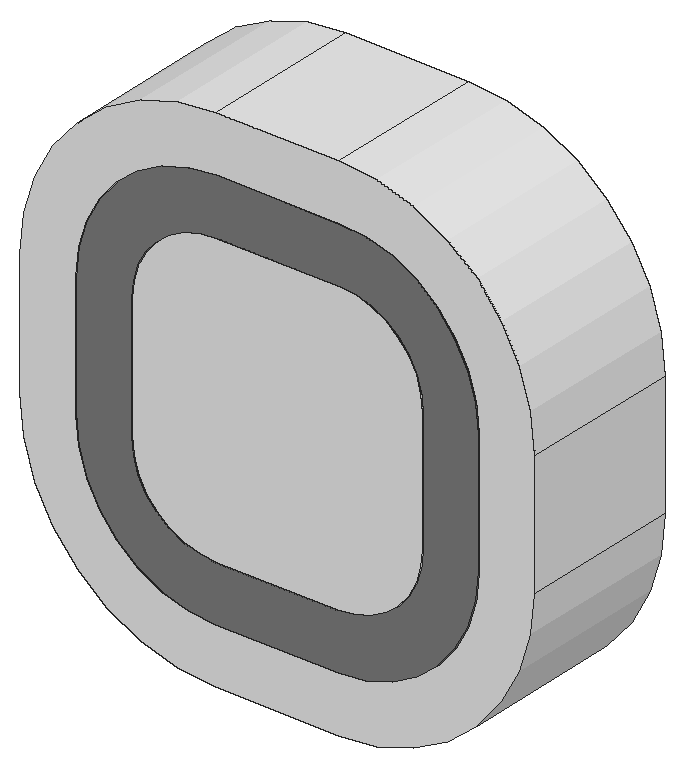
Revit family "СигнализаторЗагазованностиПульсар_R19ЭлОборуд", category Арматура трубопроводов, Revit 2019
Family settings
  Размер круглого соединителя = Использовать диаметр
  Тип детали = Нормальный
  Номер OmniClass = 23.80.30.11.17
  Заголовок OmniClass = Distribution Boards and Control Panels
  На основе рабочей плоскости = Нет
  Всегда вертикально = Да
  При загрузке вырезать с полостями = Нет
  Общий = Нет
Parameters (values of type "Сигнализатор загазованности «Пульсар» 2CO-2CH c клапаном Ду15")
  Температура окружающей среды = "-10 до +45 °С"
  Средняя наработка до отказа = "30000 часов"
  Средний срок службы = "10 лет"
  Потребляемая мощность = "не более 1,0 (1,0) В,А (Вт)"
  Потолочный [instance] = not(Настенный)  # no
  Параметры электрического питания с адаптером питания от сети переменного тока с частотой (50±1) Гц = "220±23В"
  Параметры электрического питания без адаптера питания — от внешнего источника постоянного тока = ""
  Настенный [instance] = yes
  Наличие клапана = "с клапаном"
  Наличие источника питания = "источник питания в комплекте"
  Материал = none
  Масса = "не более 0,15 кг"
  Ду = 15 mm
  Время установления рабочего режима = "не более 30 с"
  Время срабатывания сигнализации для исполнения «Пульсар» СН = "не более 15 с"
  Время срабатывания сигнализации для исполнения «Пульсар» СO = "не более 60 с"
  ADSK_Размер_Ширина = 92 mm
  ADSK_Размер_Глубина = 29 mm
  ADSK_Размер_Высота = 92 mm
  ADSK_Примечание [instance] = ""
  ADSK_Позиция [instance] = ""
  ADSK_Обозначение = ""
  ADSK_Наименование краткое = ""
  ADSK_Наименование = "Сигнализатор загазованности «Пульсар» 2CO-2CH c клапаном Ду15"
  ADSK_Масса = 0
  ADSK_Марка = ""
  ADSK_Код изделия = ""
  ADSK_Завод-изготовитель = "Пульсар"
  ADSK_Единица измерения = "шт."
Types (29, lengths in mm): name | Параметры электрического питания с адаптером питания от сети переменного тока с частотой (50±1) Гц | Параметры электрического питания без адаптера питания — от внешнего источника постоянного тока | Наличие клапана | Ду | Время срабатывания сигнализации для исполнения «Пульсар» СН | Время срабатывания сигнализации для исполнения «Пульсар» СO | ADSK_Наименование
  (no name) | "220±23В" | "" | "с клапаном" | 15 | "не более 15 с" | "не более 60 с" | "Сигнализатор загазованности «Пульсар» 2CO-2CH c клапаном Ду15"
  Сигнализатор загазованности «Пульсар» CH с клапаном Ду32 | "220±23В" | "" | "с клапаном" | 32 | "не более 15 с" | "" | "Сигнализатор загазованности «Пульсар» CH с клапаном Ду32"
  Сигнализатор загазованности «Пульсар» CH с латунным клапаном Ду20 | "220±23В" | "" | "с клапаном" | 20 | "не более 15 с" | "" | "Сигнализатор загазованности «Пульсар» CH с латунным клапаном Ду20"
  Сигнализатор загазованности «Пульсар» CH с латунным клапаном Ду25 | "220±23В" | "" | "с клапаном" | 25 | "не более 15 с" | "" | "Сигнализатор загазованности «Пульсар» CH с латунным клапаном Ду25"
  Сигнализатор загазованности «Пульсар» CH с клапаном Ду20 | "220±23В" | "" | "с клапаном" | 20 | "не более 15 с" | "" | "Сигнализатор загазованности «Пульсар» CH с клапаном Ду20"
  Сигнализатор загазованности «Пульсар» CH с клапаном Ду25 | "220±23В" | "" | "с клапаном" | 25 | "не более 15 с" | "" | "Сигнализатор загазованности «Пульсар» CH с клапаном Ду25"
  Сигнализатор загазованности «Пульсар» CO с соединительным кабелем | "" | "12±0,2В" | "без клапана" | 25 | "" | "не более 60 с" | "Сигнализатор загазованности «Пульсар» CO с соединительным кабелем"
  Сигнализатор загазованности «Пульсар» CH с источником питания | "220±23В" | "" | "без клапана" | 25 | "не более 15 с" | "" | "Сигнализатор загазованности «Пульсар» CH с источником питания"
  Сигнализатор загазованности «Пульсар» CO, температура эксплуатации +5 до +45 °C | "" | "12±0,2В" | "без клапана" | 25 | "" | "не более 60 с" | "Сигнализатор загазованности «Пульсар» CO, температура эксплуатации +5 до +45 °C"
  Сигнализатор загазованности «Пульсар» CH с латунным клапаном Ду15 | "220±23В" | "" | "с клапаном" | 15 | "не более 15 с" | "" | "Сигнализатор загазованности «Пульсар» CH с латунным клапаном Ду15"
  Сигнализатор загазованности «Пульсар» CH с латунным клапаном Ду32 | "220±23В" | "" | "с клапаном" | 32 | "не более 15 с" | "" | "Сигнализатор загазованности «Пульсар» CH с латунным клапаном Ду32"
  Сигнализатор загазованности «Пульсар» CH с клапаном Ду15 | "220±23В" | "" | "с клапаном" | 15 | "не более 15 с" | "" | "Сигнализатор загазованности «Пульсар» CH с клапаном Ду15"
  Сигнализатор загазованности «Пульсар» 2CO-2CH c клапаном Ду25 | "220±23В" | "" | "с клапаном" | 25 | "не более 15 с" | "не более 60 с" | "Сигнализатор загазованности «Пульсар» CH с клапаном Ду15"
  Сигнализатор загазованности «Пульсар» CO-CH энергозависимый c клапаном Ду25 | "220±23В" | "" | "с клапаном" | 25 | "не более 15 с" | "не более 60 с" | "Сигнализатор загазованности «Пульсар» CO-CH энергозависимый c клапаном Ду25"
  Сигнализатор загазованности «Пульсар» 2CO-2CH c клапаном Ду32 | "220±23В" | "" | "с клапаном" | 32 | "не более 15 с" | "не более 60 с" | "Сигнализатор загазованности «Пульсар» 2CO-2CH c клапаном Ду32"
  Сигнализатор загазованности «Пульсар» CO-CH c клапаном Ду25 | "220±23В" | "" | "с клапаном" | 25 | "не более 15 с" | "не более 60 с" | "Сигнализатор загазованности «Пульсар» CO-CH c клапаном Ду25"
  Сигнализатор загазованности «Пульсар» CO-CH без клапана | "220±23В" | "" | "с клапаном" | 25 | "не более 15 с" | "не более 60 с" | "Сигнализатор загазованности «Пульсар» CO-CH без клапана"
  Сигнализатор загазованности «Пульсар» 2CO-2CH c клапаном Ду15 | "220±23В" | "" | "с клапаном" | 15 | "не более 15 с" | "не более 60 с" | "Сигнализатор загазованности «Пульсар» 2CO-2CH c клапаном Ду15"
  Сигнализатор загазованности «Пульсар» 2CO-2CH c клапаном Ду20 | "220±23В" | "" | "с клапаном" | 20 | "не более 15 с" | "не более 60 с" | "Сигнализатор загазованности «Пульсар» 2CO-2CH c клапаном Ду20"
  Сигнализатор загазованности «Пульсар» CO-CH c латунным клапаном Ду25 | "220±23В" | "" | "с клапаном" | 25 | "не более 15 с" | "не более 60 с" | "Сигнализатор загазованности «Пульсар» CO-CH c латунным клапаном Ду25"
  Сигнализатор загазованности «Пульсар» CO-CH c латунным клапаном Ду32 | "220±23В" | "" | "с клапаном" | 32 | "не более 15 с" | "не более 60 с" | "Сигнализатор загазованности «Пульсар» CO-CH c латунным клапаном Ду32"
  Сигнализатор загазованности «Пульсар» CO-CH c клапаном Ду15 | "220±23В" | "" | "с клапаном" | 15 | "не более 15 с" | "не более 60 с" | "Сигнализатор загазованности «Пульсар» CO-CH c клапаном Ду15"
  Сигнализатор загазованности «Пульсар» CO-CH c клапаном Ду20 | "220±23В" | "" | "с клапаном" | 20 | "не более 15 с" | "не более 60 с" | "Сигнализатор загазованности «Пульсар» CO-CH c клапаном Ду20"
  Сигнализатор загазованности «Пульсар» CO-CH энергозависимый c клапаном Ду20 | "220±23В" | "" | "с клапаном" | 20 | "не более 15 с" | "не более 60 с" | "Сигнализатор загазованности «Пульсар» CO-CH энергозависимый c клапаном Ду20"
  Сигнализатор загазованности «Пульсар» CO-CH энергозависимый c клапаном Ду32 | "220±23В" | "" | "с клапаном" | 32 | "не более 15 с" | "не более 60 с" | "Сигнализатор загазованности «Пульсар» CO-CH энергозависимый c клапаном Ду32"
  Сигнализатор загазованности «Пульсар» CO-CH c клапаном Ду32 | "220±23В" | "" | "с клапаном" | 32 | "не более 15 с" | "не более 60 с" | "Сигнализатор загазованности «Пульсар» CO-CH c клапаном Ду32"
  Сигнализатор загазованности «Пульсар» CO-CH c латунным клапаном Ду20 | "220±23В" | "" | "с клапаном" | 20 | "не более 15 с" | "не более 60 с" | "Сигнализатор загазованности «Пульсар» CO-CH c латунным клапаном Ду20"
  Сигнализатор загазованности «Пульсар» CO-CH c латунным клапаном Ду15 | "220±23В" | "" | "с клапаном" | 15 | "не более 15 с" | "не более 60 с" | "Сигнализатор загазованности «Пульсар» CO-CH c латунным клапаном Ду15"
  Сигнализатор загазованности «Пульсар» CO-CH энергозависимый c клапаном Ду15 | "220±23В" | "" | "с клапаном" | 15 | "не более 15 с" | "не более 60 с" | "Сигнализатор загазованности «Пульсар» CO-CH энергозависимый c клапаном Ду15"
Reference planes
  plane 1 "По центру (Вперед/Назад)": y = 0
  plane 2: z = 0
  plane 3 "По центру (Влево/Вправо)": x = 0
  plane 4: x = -46
  plane 5: x = 46
  plane 6: z = 46
  plane 7: z = -46
  plane 8: y = -29
Dimensions and locks
  "ADSK_Размер_Высота": plane 6 to plane 7
  "ADSK_Размер_Ширина": plane 4 to plane 5
  equal spacing: plane 6, plane 2, plane 7
  equal spacing: plane 4, plane 3 "По центру (Влево/Вправо)", plane 5
  "ADSK_Размер_Глубина": plane 1 "По центру (Вперед/Назад)" to plane 8
  aligned and locked: level to plane 2
Nested families
  nested 1: "Настенный" at (0, 0, 0), visible <- "Настенный", type "Семейство10"
  nested 2: "Потолочный" at (0, 14.5, 0), visible <- "Потолочный", type "Потолочный"
Connectors
  electrical at (0, 0, 0)
    settings: on nested 1, index 1, voltage 0 V, apparent load 0 VA, apparent load phase1 0 VA, apparent load phase2 0 VA, apparent load phase3 0 VA, power factor 1, load classification "Прочее", number of poles 1, system type 31, power factor state 1, is connector primary yes, connector utility no, sub classification motor no, connector description ""
Definition of nested family "Настенный"
  Parameters
    Ширна = 92 mm
    Глубина = 29 mm
    Высота = 92 mm
  Reference planes
    plane 1 "По центру (Вперед/Назад)": y = 0
    plane 2: z = 0
    plane 3 "По центру (Влево/Вправо)": x = 0
    plane 4: x = -46
    plane 5: x = 46
    plane 6: z = -46
    plane 7: z = 46
    plane 8: y = -29
  Forms (mm)
    Extrusion 1, solid
      sketch origin (0, 0, 0) x (1, 0, 0) y (0, 0, 1)
        loop
          arc (-11, 46) -> (-35.749, 35.749) -> (-46, 11) r 35
          line (-46, 11) -> (-46, -11)
          arc (-46, -11) -> (-35.749, -35.749) -> (-11, -46) r 35
          line (-11, -46) -> (11, -46)
          arc (11, -46) -> (35.749, -35.749) -> (46, -11) r 35
          line (46, -11) -> (46, 11)
          arc (46, 11) -> (35.749, 35.749) -> (11, 46) r 35
          line (11, 46) -> (-11, 46)
      from 0 to 29
    Extrusion 2, void
      sketch origin (0, 0, 0) x (1, 0, 0) y (0, 0, 1)
        loop
          line (-26, 11) -> (-26, -11)
          arc (-26, -11) -> (-21.607, -21.607) -> (-11, -26) r 15
          line (-11, -26) -> (11, -26)
          arc (11, -26) -> (21.607, -21.607) -> (26, -11) r 15
          line (26, -11) -> (26, 11)
          arc (26, 11) -> (21.607, 21.607) -> (11, 26) r 15
          line (11, 26) -> (-11, 26)
          arc (-11, 26) -> (-21.607, 21.607) -> (-26, 11) r 15
        loop
          arc (-11, 36) -> (-28.678, 28.678) -> (-36, 11) r 25
          line (-36, 11) -> (-36, -11)
          arc (-36, -11) -> (-28.678, -28.678) -> (-11, -36) r 25
          line (-11, -36) -> (11, -36)
          arc (11, -36) -> (28.678, -28.678) -> (36, -11) r 25
          line (36, -11) -> (36, 11)
          arc (36, 11) -> (28.678, 28.678) -> (11, 36) r 25
          line (11, 36) -> (-11, 36)
      from 22.859 to 29
    Extrusion 3, solid
      sketch origin (0, 0, 0) x (1, 0, 0) y (0, 0, 1)
        loop
          arc (-11, 36) -> (-28.678, 28.678) -> (-36, 11) r 25
          line (-36, 11) -> (-36, -11)
          arc (-36, -11) -> (-28.678, -28.678) -> (-11, -36) r 25
          line (-11, -36) -> (11, -36)
          arc (11, -36) -> (28.678, -28.678) -> (36, -11) r 25
          line (36, -11) -> (36, 11)
          arc (36, 11) -> (28.678, 28.678) -> (11, 36) r 25
          line (11, 36) -> (-11, 36)
        loop
          arc (26, 11) -> (21.607, 21.607) -> (11, 26) r 15
          line (11, 26) -> (-11, 26)
          arc (-11, 26) -> (-21.607, 21.607) -> (-26, 11) r 15
          line (-26, 11) -> (-26, -11)
          arc (-26, -11) -> (-21.607, -21.607) -> (-11, -26) r 15
          line (-11, -26) -> (11, -26)
          arc (11, -26) -> (21.607, -21.607) -> (26, -11) r 15
          line (26, -11) -> (26, 11)
      from 22.859 to 29
  Cuts and joins
    Extrusion 2 cuts Extrusion 1
  Lines and regions (mm)
    model lines
      curve 1: line (-4.797, -29, -1.807) -> (-4.797, -29, 1.807)
      curve 2: line (1.702, -29, -4.902) -> (-1.702, -29, -4.902)
      curve 3: line (4.797, -29, -1.807) -> (4.797, -29, 1.807)
      curve 4: line (1.702, -29, 4.902) -> (-1.702, -29, 4.902)
      curve 5: arc (-4.797, -29, 1.807) -> (-3.891, -29, 3.996) -> (-1.702, -29, 4.902) r 3.096
      curve 6: arc (4.797, -29, 1.807) -> (3.891, -29, 3.996) -> (1.702, -29, 4.902) r 3.096
      curve 7: arc (-4.797, -29, -1.807) -> (-3.891, -29, -3.996) -> (-1.702, -29, -4.902) r 3.096
      curve 8: arc (4.797, -29, -1.807) -> (3.891, -29, -3.996) -> (1.702, -29, -4.902) r 3.096
      curve 9: line (-17.124, -29, 17.007) -> (-10.349, -29, 17.007)
      curve 10: line (-17.124, -29, 13.722) -> (-17.124, -29, 17.007)
      curve 11: line (-10.349, -29, 13.722) -> (-17.124, -29, 13.722)
      curve 12: line (-10.349, -29, 17.007) -> (-10.349, -29, 13.722)
      curve 13: line (17.124, -29, 17.007) -> (10.349, -29, 17.007)
      curve 14: line (17.124, -29, 13.722) -> (17.124, -29, 17.007)
      curve 15: line (10.349, -29, 13.722) -> (17.124, -29, 13.722)
      curve 16: line (10.349, -29, 17.007) -> (10.349, -29, 13.722)
      curve 17: line (3.388, -29, 17.007) -> (-3.388, -29, 17.007)
      curve 18: line (3.388, -29, 13.722) -> (3.388, -29, 17.007)
      curve 19: line (-3.388, -29, 13.722) -> (3.388, -29, 13.722)
      curve 20: line (-3.388, -29, 17.007) -> (-3.388, -29, 13.722)
      curve 21: arc (-15.211, -29, 22.785) -> (-13.817, -29, 18.795) -> (-12.232, -29, 22.714) r 2.259
      curve 22: line (-13.762, -29, 21.053) -> (-13.762, -29, 23.997)
      curve 23: line (0, -29, 23.997) -> (-3.381, -29, 18.141)
      curve 24: line (-3.381, -29, 18.141) -> (3.381, -29, 18.141)
      curve 25: line (3.381, -29, 18.141) -> (0, -29, 23.997)
      curve 26: line (13.844, -29, 23.997) -> (10.463, -29, 18.141)
      curve 27: line (10.463, -29, 18.141) -> (17.225, -29, 18.141)
      curve 28: line (17.225, -29, 18.141) -> (13.844, -29, 23.997)
      curve 29: line (0, -29, 19.972) -> (0, -29, 22.111)
      curve 30: circle (0, -29, 18.988) r 0.5 normal (0, -1, 0)
      curve 31: line (-17.124, -29, -11.043) -> (-10.349, -29, -11.043)
      curve 32: line (-17.124, -29, -14.329) -> (-17.124, -29, -11.043)
      curve 33: line (-10.349, -29, -14.329) -> (-17.124, -29, -14.329)
      curve 34: line (-10.349, -29, -11.043) -> (-10.349, -29, -14.329)
      curve 35: line (-13.762, -29, -15.972) -> (-17.144, -29, -21.828)
      curve 36: line (-17.144, -29, -21.828) -> (-10.381, -29, -21.828)
      curve 37: line (-10.381, -29, -21.828) -> (-13.762, -29, -15.972)
  Dimensions and locks
    equal spacing: plane 7, plane 2, plane 6
    equal spacing: plane 5, plane 3 "По центру (Влево/Вправо)", plane 4
    "Ширна": plane 5 to plane 4
    "Высота": plane 7 to plane 6
    "Глубина": plane 8 to plane 1 "По центру (Вперед/Назад)"
    aligned and locked: level to plane 2
  Automatic sketch dimensions
    Extrusion 1 sketch curve to plane 4 = 0 mm
    Extrusion 1 sketch curve to plane 6 = 0 mm
    Extrusion 1 sketch curve to plane 7 = 0 mm
    Extrusion 1 sketch curve to plane 5 = 0 mm
    Extrusion 1 sketch curve to plane 3 "По центру (Влево/Вправо)" = 11 mm  (x2)
    level to Extrusion 1 sketch curve = 11 mm
    Extrusion 1 sketch curve to level = 11 mm
    plane 6 to Extrusion 3 sketch curve = 10 mm
    Extrusion 3 sketch curve to plane 3 "По центру (Влево/Вправо)" = 11 mm
    plane 3 "По центру (Влево/Вправо)" to Extrusion 3 sketch curve = 11 mm  (x2)
    level to Extrusion 3 sketch curve = 11 mm
    plane 4 to Extrusion 3 sketch curve = 10 mm
    Extrusion 3 sketch curve to level = 11 mm
    Extrusion 3 sketch curve to plane 5 = 10 mm
    Extrusion 3 sketch curve to Extrusion 3 sketch curve = 0 mm  (x7)
    Extrusion 3 sketch curve to Extrusion 3 sketch curve = 10 mm
    plane 4 to Extrusion 2 sketch curve = 20 mm
    Extrusion 2 sketch curve to plane 3 "По центру (Влево/Вправо)" = 11 mm  (x2)
    level to Extrusion 2 sketch curve = 11 mm
    Extrusion 2 sketch curve to level = 11 mm  (x2)
    plane 3 "По центру (Влево/Вправо)" to Extrusion 2 sketch curve = 11 mm  (x2)
    Extrusion 2 sketch curve to Extrusion 2 sketch curve = 0 mm  (x7)
    Extrusion 2 sketch curve to Extrusion 2 sketch curve = 10 mm
    curve 36 to Extrusion 1 = 28.856 mm
    curve 10 to Extrusion 1 = 28.876 mm
    curve 35 to curve 32 = 0.019 mm
    curve 9 to curve 21 = 3.362 mm
    curve 32 to curve 35 = 3.362 mm
    curve 35 to curve 37 = 6.762 mm
    curve 37 to curve 34 = 3.414 mm
    curve 10 to curve 11 = 6.776 mm
    curve 11 to curve 1 = 5.551 mm
    curve 9 to curve 17 = 6.961 mm
    curve 17 to curve 24 = 0.007 mm
    curve 7 to curve 7 = 3.096 mm
    curve 5 to curve 5 = 3.096 mm
    curve 23 to curve 30 = 3.381 mm
    curve 25 to Extrusion 1 = 22.003 mm
    curve 30 to curve 25 = 0 mm
    curve 7 to curve 8 = 3.403 mm
    curve 5 to curve 4 = 3.403 mm
    curve 30 to curve 24 = 3.381 mm
    curve 24 to curve 17 = 0.007 mm
    curve 8 to curve 3 = 3.096 mm
    curve 17 to curve 16 = 6.961 mm
    curve 13 to curve 27 = 0.114 mm
    curve 26 to curve 28 = 3.381 mm
    curve 26 to curve 13 = 6.662 mm
    curve 13 to curve 28 = 0.1 mm
    curve 26 to curve 23 = 0 mm
    curve 21 to curve 23 = 2.944 mm
    curve 30 to curve 23 = 5.009 mm
    curve 24 to curve 30 = 0.847 mm
    curve 27 to curve 26 = 5.856 mm
    curve 20 to curve 23 = 1.134 mm
    curve 9 to curve 21 = 4.046 mm
    curve 13 to curve 27 = 1.134 mm
    curve 10 to curve 9 = 3.285 mm
    curve 20 to curve 17 = 3.285 mm
    curve 16 to curve 13 = 3.285 mm
    curve 4 to curve 18 = 8.82 mm
    curve 1 to curve 5 = 3.613 mm
    curve 32 to curve 1 = 9.237 mm
    curve 34 to curve 31 = 3.285 mm
    curve 37 to curve 32 = 1.643 mm
    curve 36 to curve 35 = 5.856 mm
    curve 21 to curve 21 = 1.449 mm
    curve 21 to curve 22 = 1.449 mm
    curve 22 to curve 21 = 1.531 mm
    curve 30 to curve 29 = 0 mm
    curve 21 to curve 22 = 2.944 mm
    curve 21 to curve 22 = 1.212 mm
    curve 29 to curve 23 = 1.886 mm
    curve 22 to curve 21 = 0 mm
    curve 30 to curve 29 = 0.984 mm
    radius of curve 30 = 0.5 mm
Definition of nested family "Потолочный"
  Parameters (values of type "Потолочный")
    Ширна = 92 mm
    Глубина = 29 mm
    Высота = 92 mm
  Reference planes
    plane 1 "По центру (Вперед/Назад)": y = 0
    plane 2: z = 0
    plane 3 "По центру (Влево/Вправо)": x = 0
    plane 4: x = -46
    plane 5: x = 46
    plane 6: z = -46
    plane 7: z = 46
    plane 8: y = -29
  Forms (mm)
    Extrusion 1, solid
      sketch origin (0, -14.5, -29) x (1, 0, 0) y (0, 1, 0)
        loop
          arc (-11, 46) -> (-35.749, 35.749) -> (-46, 11) r 35
          line (-46, 11) -> (-46, -11)
          arc (-46, -11) -> (-35.749, -35.749) -> (-11, -46) r 35
          line (-11, -46) -> (11, -46)
          arc (11, -46) -> (35.749, -35.749) -> (46, -11) r 35
          line (46, -11) -> (46, 11)
          arc (46, 11) -> (35.749, 35.749) -> (11, 46) r 35
          line (11, 46) -> (-11, 46)
      from 0 to 29
    Extrusion 2, void
      sketch origin (0, -14.5, -51.859) x (1, 0, 0) y (0, 1, 0)
        loop
          line (-26, 11) -> (-26, -11)
          arc (-26, -11) -> (-21.607, -21.607) -> (-11, -26) r 15
          line (-11, -26) -> (11, -26)
          arc (11, -26) -> (21.607, -21.607) -> (26, -11) r 15
          line (26, -11) -> (26, 11)
          arc (26, 11) -> (21.607, 21.607) -> (11, 26) r 15
          line (11, 26) -> (-11, 26)
          arc (-11, 26) -> (-21.607, 21.607) -> (-26, 11) r 15
        loop
          arc (-11, 36) -> (-28.678, 28.678) -> (-36, 11) r 25
          line (-36, 11) -> (-36, -11)
          arc (-36, -11) -> (-28.678, -28.678) -> (-11, -36) r 25
          line (-11, -36) -> (11, -36)
          arc (11, -36) -> (28.678, -28.678) -> (36, -11) r 25
          line (36, -11) -> (36, 11)
          arc (36, 11) -> (28.678, 28.678) -> (11, 36) r 25
          line (11, 36) -> (-11, 36)
      from 22.859 to 29
    Extrusion 3, solid
      sketch origin (0, -14.5, -51.859) x (1, 0, 0) y (0, 1, 0)
        loop
          arc (-11, 36) -> (-28.678, 28.678) -> (-36, 11) r 25
          line (-36, 11) -> (-36, -11)
          arc (-36, -11) -> (-28.678, -28.678) -> (-11, -36) r 25
          line (-11, -36) -> (11, -36)
          arc (11, -36) -> (28.678, -28.678) -> (36, -11) r 25
          line (36, -11) -> (36, 11)
          arc (36, 11) -> (28.678, 28.678) -> (11, 36) r 25
          line (11, 36) -> (-11, 36)
        loop
          arc (26, 11) -> (21.607, 21.607) -> (11, 26) r 15
          line (11, 26) -> (-11, 26)
          arc (-11, 26) -> (-21.607, 21.607) -> (-26, 11) r 15
          line (-26, 11) -> (-26, -11)
          arc (-26, -11) -> (-21.607, -21.607) -> (-11, -26) r 15
          line (-11, -26) -> (11, -26)
          arc (11, -26) -> (21.607, -21.607) -> (26, -11) r 15
          line (26, -11) -> (26, 11)
      from 22.859 to 29
  Cuts and joins
    Extrusion 2 cuts Extrusion 1
  Lines and regions (mm)
    model lines
      curve 1: line (-4.797, -16.307, -29) -> (-4.797, -12.693, -29)
      curve 2: line (1.702, -19.402, -29) -> (-1.702, -19.402, -29)
      curve 3: line (4.797, -16.307, -29) -> (4.797, -12.693, -29)
      curve 4: line (1.702, -9.598, -29) -> (-1.702, -9.598, -29)
      curve 5: arc (-4.797, -12.693, -29) -> (-3.891, -10.504, -29) -> (-1.702, -9.598, -29) r 3.096
      curve 6: arc (4.797, -12.693, -29) -> (3.891, -10.504, -29) -> (1.702, -9.598, -29) r 3.096
      curve 7: arc (-4.797, -16.307, -29) -> (-3.891, -18.496, -29) -> (-1.702, -19.402, -29) r 3.096
      curve 8: arc (4.797, -16.307, -29) -> (3.891, -18.496, -29) -> (1.702, -19.402, -29) r 3.096
      curve 9: line (-17.124, 2.507, -29) -> (-10.349, 2.507, -29)
      curve 10: line (-17.124, -0.778, -29) -> (-17.124, 2.507, -29)
      curve 11: line (-10.349, -0.778, -29) -> (-17.124, -0.778, -29)
      curve 12: line (-10.349, 2.507, -29) -> (-10.349, -0.778, -29)
      curve 13: line (17.124, 2.507, -29) -> (10.349, 2.507, -29)
      curve 14: line (17.124, -0.778, -29) -> (17.124, 2.507, -29)
      curve 15: line (10.349, -0.778, -29) -> (17.124, -0.778, -29)
      curve 16: line (10.349, 2.507, -29) -> (10.349, -0.778, -29)
      curve 17: line (3.388, 2.507, -29) -> (-3.388, 2.507, -29)
      curve 18: line (3.388, -0.778, -29) -> (3.388, 2.507, -29)
      curve 19: line (-3.388, -0.778, -29) -> (3.388, -0.778, -29)
      curve 20: line (-3.388, 2.507, -29) -> (-3.388, -0.778, -29)
      curve 21: arc (-15.211, 8.285, -29) -> (-13.817, 4.295, -29) -> (-12.232, 8.214, -29) r 2.259
      curve 22: line (-13.762, 6.553, -29) -> (-13.762, 9.497, -29)
      curve 23: line (0, 9.497, -29) -> (-3.381, 3.641, -29)
      curve 24: line (-3.381, 3.641, -29) -> (3.381, 3.641, -29)
      curve 25: line (3.381, 3.641, -29) -> (0, 9.497, -29)
      curve 26: line (13.844, 9.497, -29) -> (10.463, 3.641, -29)
      curve 27: line (10.463, 3.641, -29) -> (17.225, 3.641, -29)
      curve 28: line (17.225, 3.641, -29) -> (13.844, 9.497, -29)
      curve 29: line (0, 5.472, -29) -> (0, 7.611, -29)
      curve 30: circle (0, 4.488, -29) r 0.5 normal (0, 0, 1)
      curve 31: line (-17.124, -25.543, -29) -> (-10.349, -25.543, -29)
      curve 32: line (-17.124, -28.829, -29) -> (-17.124, -25.543, -29)
      curve 33: line (-10.349, -28.829, -29) -> (-17.124, -28.829, -29)
      curve 34: line (-10.349, -25.543, -29) -> (-10.349, -28.829, -29)
      curve 35: line (-13.762, -30.472, -29) -> (-17.144, -36.328, -29)
      curve 36: line (-17.144, -36.328, -29) -> (-10.381, -36.328, -29)
      curve 37: line (-10.381, -36.328, -29) -> (-13.762, -30.472, -29)
  Dimensions and locks
    equal spacing: plane 7, plane 2, plane 6
    equal spacing: plane 5, plane 3 "По центру (Влево/Вправо)", plane 4
    "Ширна": plane 5 to plane 4
    "Высота": plane 7 to plane 6
    "Глубина": plane 8 to plane 1 "По центру (Вперед/Назад)"
    aligned and locked: level to plane 2
  Automatic sketch dimensions
    Extrusion 1 sketch curve to plane 4 = 0 mm
    Extrusion 1 sketch curve to plane 5 = 0 mm
    Extrusion 1 sketch curve to plane 3 "По центру (Влево/Вправо)" = 11 mm  (x2)
    plane 1 "По центру (Вперед/Назад)" to Extrusion 1 sketch curve = 3.5 mm  (x2)
    plane 3 "По центру (Влево/Вправо)" to Extrusion 1 sketch curve = 11 mm
    plane 8 to Extrusion 1 sketch curve = 3.5 mm
    Extrusion 2 sketch curve to Extrusion 2 sketch curve = 0 mm  (x8)
    plane 4 to Extrusion 2 sketch curve = 10 mm
    plane 1 "По центру (Вперед/Назад)" to Extrusion 2 sketch curve = 3.5 mm  (x2)
    Extrusion 2 sketch curve to Extrusion 2 sketch curve = 10 mm
    Extrusion 2 sketch curve to plane 3 "По центру (Влево/Вправо)" = 11 mm  (x2)
    plane 3 "По центру (Влево/Вправо)" to Extrusion 2 sketch curve = 11 mm  (x2)
    plane 8 to Extrusion 2 sketch curve = 3.5 mm
    Extrusion 3 sketch curve to Extrusion 3 sketch curve = 0 mm  (x8)
    plane 4 to Extrusion 3 sketch curve = 10 mm
    Extrusion 3 sketch curve to Extrusion 3 sketch curve = 10 mm
    plane 1 "По центру (Вперед/Назад)" to Extrusion 3 sketch curve = 3.5 mm
    Extrusion 3 sketch curve to plane 3 "По центру (Влево/Вправо)" = 11 mm  (x2)
    plane 8 to Extrusion 3 sketch curve = 3.5 mm  (x2)
    plane 3 "По центру (Влево/Вправо)" to Extrusion 3 sketch curve = 11 mm  (x2)
    curve 29 to plane 3 "По центру (Влево/Вправо)" = 0 mm
    curve 25 to plane 3 "По центру (Влево/Вправо)" = 0 mm
    curve 30 to plane 3 "По центру (Влево/Вправо)" = 0 mm
    curve 4 to plane 3 "По центру (Влево/Вправо)" = 1.702 mm
    curve 2 to plane 3 "По центру (Влево/Вправо)" = 1.702 mm
    curve 23 to plane 3 "По центру (Влево/Вправо)" = 3.381 mm
    plane 1 "По центру (Вперед/Назад)" to curve 20 = 0.778 mm
    curve 20 to plane 3 "По центру (Влево/Вправо)" = 3.388 mm
    curve 1 to curve 7 = 3.096 mm
    curve 12 to plane 1 "По центру (Вперед/Назад)" = 2.507 mm
    curve 12 to curve 17 = 6.961 mm
    plane 8 to curve 31 = 3.457 mm
    curve 31 to plane 3 "По центру (Влево/Вправо)" = 10.349 mm
    curve 36 to curve 33 = 0.033 mm
    curve 37 to plane 8 = 1.472 mm
    curve 37 to curve 33 = 3.414 mm
    curve 21 to curve 9 = 3.414 mm
    plane 8 to curve 33 = 0.171 mm
    curve 33 to curve 35 = 3.362 mm
    curve 9 to curve 21 = 3.362 mm
    curve 35 to plane 8 = 7.328 mm
    curve 35 to curve 36 = 6.762 mm
    plane 3 "По центру (Влево/Вправо)" to curve 8 = 1.702 mm
    plane 3 "По центру (Влево/Вправо)" to curve 4 = 1.702 mm
    plane 3 "По центру (Влево/Вправо)" to curve 24 = 3.381 mm
    curve 24 to curve 17 = 0.007 mm
    curve 8 to curve 3 = 3.096 mm
    curve 16 to plane 1 "По центру (Вперед/Назад)" = 2.507 mm
    curve 17 to curve 16 = 6.961 mm
    curve 13 to curve 27 = 0.114 mm
    curve 26 to curve 28 = 3.381 mm
    curve 26 to curve 13 = 6.662 mm
    curve 28 to plane 1 "По центру (Вперед/Назад)" = 3.641 mm
    curve 13 to curve 28 = 0.1 mm
    plane 8 to curve 2 = 9.598 mm
    curve 3 to curve 3 = 3.613 mm
    plane 1 "По центру (Вперед/Назад)" to curve 15 = 0.778 mm
    plane 1 "По центру (Вперед/Назад)" to curve 12 = 0.778 mm
    curve 17 to plane 1 "По центру (Вперед/Назад)" = 2.507 mm
    curve 17 to curve 23 = 1.134 mm
    curve 23 to curve 30 = 0.847 mm
    curve 9 to curve 21 = 4.046 mm
    curve 27 to curve 28 = 5.856 mm
    curve 30 to curve 25 = 5.009 mm
    curve 21 to curve 21 = 1.531 mm
    curve 22 to curve 21 = 0 mm  (x2)
    curve 21 to curve 22 = 1.449 mm
    curve 30 to curve 29 = 0.984 mm
    curve 29 to curve 23 = 1.886 mm
    curve 21 to curve 21 = 1.661 mm
    curve 21 to curve 22 = 1.212 mm
    radius of curve 30 = 0.5 mm
